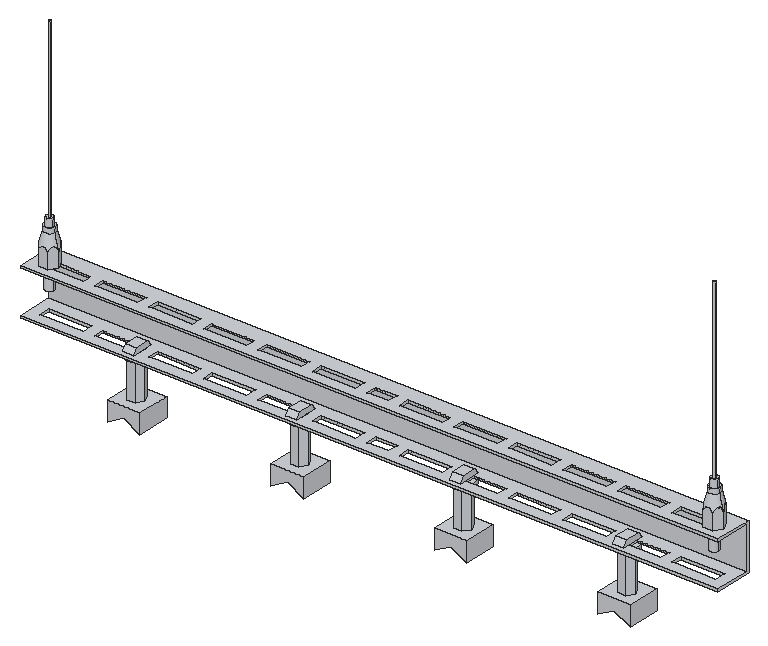
Revit family "Gripple Brackets with Suspensions and Pipe Clamps - Assembly", category Specialty Equipment, Revit 2017
Family settings
  Round Connector Dimension = Use Diameter
  Part Type = Normal
  Work Plane-Based = Yes
  Always vertical = Yes
  Cut with Voids When Loaded = Yes
  Shared = Yes
  Room Calculation Point = No
Parameters (values of type "GUB640")
  Suspensions Required Y/N [instance] = yes
  Suspension End Fixing [instance] = ""
  Schedule Level [instance] = ""
  Schedule Discipline [instance] = ""
  Schedule Area [instance] = ""
  R/H TZ Dist. [instance] = 15 mm
  Pipe Clamp End Datum [instance] = 20 mm
  Pipe Clamp Centres [instance] = 150 mm
  Number of Gripple Pipe Clamps [instance] = 4
  L/H TZ Dist. [instance] = 15 mm
  Go to URL [instance] = "http://www.gripple.co.uk/gb/en/p8/a6/pipe-bracket--quick-twist-system"
  ED [instance] = if(not([Centre Datum (Or End Datum)]), Pipe Clamp End Datum, (Length / 2) - (Number of Gripple Pipe Clamps / 2 - 0.5) * Pipe Clamp Centres)  # 95 mm
  Clamp Single Vis [instance] = Number of Gripple Pipe Clamps = 1  # no
  Clamp Array Vis [instance] = Number of Gripple Pipe Clamps > 1  # yes
  Centre Datum (Or End Datum) [instance] = yes
  Bracket Distance From Soffit [instance] = 200 mm
  Length = 640 mm
  URL = "http://www.gripple.co.uk/gb/en/p8/a6/pipe-bracket--quick-twist-system"
  Model = "GUB640"
  Manufacturer = "Gripple Ltd"
  Default Elevation = 0 mm
  Bracket Length = Gripple Brackets : PB640
  Assembly Code = "GUB640"
  Array Clamps [instance] = if(Number of Gripple Pipe Clamps < 2, 2, Number of Gripple Pipe Clamps)  # 4
  -L = -Length / 2  # -320 mm
  +L = Length / 2  # 320 mm
Types (11, lengths in mm): name | Pipe Clamp End Datum | Number of Gripple Pipe Clamps | ED | Bracket Distance From Soffit | Length | Model | Bracket Length | Assembly Code | Array Clamps | -L | +L
  GUB640 | 20 | 4 | 95 | 200 | 640 | "GUB640" | Gripple Brackets : PB640 | "GUB640" | 4 | -320 | 320
  GUB240 | 0 | 2 | 45 | 250 | 240 | "GUB240" | Gripple Brackets : PB240 | "GUB240" | 2 | -120 | 120
  GUB840 | 0 | 2 | 345 | 200 | 840 | "GUB840" | Gripple Brackets : PB840 | "GUB840" | 2 | -420 | 420
  GUB340 | 0 | 2 | 95 | 250 | 340 | "GUB340" | Gripple Brackets : PB340 | "GUB340" | 2 | -170 | 170
  GUB1240 | 0 | 2 | 545 | 200 | 1240 | "GUB1240" | Gripple Brackets : PB1240 | "GUB1240" | 2 | -620 | 620
  GUB1140 | 0 | 2 | 495 | 200 | 1140 | "GUB1140" | Gripple Brackets : PB1140 | "GUB1140" | 2 | -570 | 570
  GUB1040 | 0 | 2 | 445 | 200 | 1040 | "GUB1040" | Gripple Brackets : PB1040 | "GUB1040" | 2 | -520 | 520
  GUB940 | 0 | 2 | 395 | 200 | 940 | "GUB940" | Gripple Brackets : PB940 | "GUB940" | 2 | -470 | 470
  GUB740 | 0 | 2 | 295 | 200 | 740 | "GUB740" | Gripple Brackets : PB740 | "GUB740" | 2 | -370 | 370
  GUB540 | 0 | 2 | 195 | 250 | 540 | "GUB540" | Gripple Brackets : PB540 | "GUB540" | 2 | -270 | 270
  GUB440 | 0 | 2 | 145 | 250 | 440 | "GUB440" | Gripple Brackets : PB440 | "GUB440" | 2 | -220 | 220
Reference planes
  plane 1 "Center (Front/Back)": y = 0
  plane 2: z = 0
  plane 3 "Center (Left/Right)": x = 0
  plane 4 "Bracket Top": z = -200
  plane 5: x = 320
  plane 6: x = -320
  plane 7: x = 305
  plane 8: x = -305
  plane 9: x = 305
  plane 10 "Bracket Bottom": z = -243
  plane 11 "Bracket Middle": z = -221.5
Lines and regions (mm)
  model lines, detail levels coarse
    curve 1: line (-320, 0, -221.5) -> (320, 0, -221.5)
  model lines, visible <- "Suspensions Required Y/N"
    curve 2: line (-305, 0, 0) -> (-305, 0, -221.5)
    curve 3: line (305, 0, 0) -> (305, 0, -221.5)
Dimensions and locks
  equal spacing: plane 5, plane 3 "Center (Left/Right)", plane 6
  "Length": plane 5 to plane 6
  locked: plane 5 to plane 7 at 15
  plane 3 "Center (Left/Right)" to plane 7 = 305 mm
  "Bracket Distance From Soffit": plane 4 "Bracket Top" to plane 2
  "L/H TZ Dist.": plane 8 to plane 6
  "R/H TZ Dist.": plane 5 to plane 9
  plane 4 "Bracket Top" to plane 10 "Bracket Bottom" = 43 mm
  equal spacing: plane 4 "Bracket Top", plane 11 "Bracket Middle", plane 10 "Bracket Bottom"
  "ED": plane 5 to nested 4
  equal spacing: group 4, group 3, group 2, group 1  (x2)
  equal spacing: group 1, group 2, group 3, group 4
  "Pipe Clamp Centres": nested 4 to nested 6
  "ED": plane 5 to nested 5
  aligned and locked: level to plane 2
  aligned and locked: plane 5 to curve 1
  aligned and locked: plane 6 to curve 1
  aligned and locked: level to curve 2
  aligned and locked: level to curve 3
  aligned and locked: curve 1 to curve 3
  aligned and locked: curve 2 to plane 8
  aligned and locked: curve 3 to plane 9
  aligned and locked: plane 1 "Center (Front/Back)" to nested 1
  aligned and locked: nested 1 to plane 8
  aligned and locked: nested 2 to plane 9
  aligned and locked: plane 1 "Center (Front/Back)" to nested 2
  aligned and locked: plane 1 "Center (Front/Back)" to nested 3
  aligned and locked: plane 3 "Center (Left/Right)" to nested 3
  aligned and locked: plane 10 "Bracket Bottom" to nested 4
  aligned and locked: plane 10 "Bracket Bottom" to nested 6
Automatic sketch dimensions
  curve 1 to plane 4 "Bracket Top" = 21.5 mm
Nested families
  nested 1: "Gripple Trapeze Plus Kit" at (-305, 0, -200), Bracket Distance From Soffit <- "Bracket Distance From Soffit", visible <- "Suspensions Required Y/N", Schedule Area <- "Schedule Area", Schedule Discipline <- "Schedule Discipline", Schedule Level <- "Schedule Level", Suspension End Fixing <- "Suspension End Fixing", type "MTZ2"
    with total length 259 mm, Suspension End Fixing "", Schedule Level "", Schedule Discipline "", Schedule Area "", Gripple Kit Length (m) 1 mm, Go To URL "http://www.gripple.co.uk/gb/en/p20/a6/trapeze-plus", Bracket Distance From Soffit 200 mm
  nested 2: "Gripple Trapeze Plus Kit" at (305, 0, -200), Bracket Distance From Soffit <- "Bracket Distance From Soffit", visible <- "Suspensions Required Y/N", Schedule Area <- "Schedule Area", Schedule Discipline <- "Schedule Discipline", Schedule Level <- "Schedule Level", Suspension End Fixing <- "Suspension End Fixing", type "MTZ2"
    with total length 259 mm, Suspension End Fixing "", Schedule Level "", Schedule Discipline "", Schedule Area "", Gripple Kit Length (m) 1 mm, Go To URL "http://www.gripple.co.uk/gb/en/p20/a6/trapeze-plus", Bracket Distance From Soffit 200 mm
  nested 3: "Gripple Brackets" at (0, 0, -200), type <- "Bracket Length", Schedule Area <- "Schedule Area", Schedule Discipline <- "Schedule Discipline", Schedule Level <- "Schedule Level", type "PB640"
    with Schedule Level "", Schedule Discipline "", Schedule Area "", Go to URL "http://www.gripple.co.uk/gb/en/p8/a6/pipe-bracket--quick-twist-system"
  nested 4: "Gripple Twist Clamp" at (225, 0, -243), visible <- "Clamp Array Vis", type "QT-T"
    with Go To URL "http://www.gripple.co.uk/images/Markets/Building%20Services/Products/Pipe%20Solutions/Pipe%20Bracket%20%26%20Twist%20Clamp%20System/Downloads/BUS-PI-MEP-ENG-TWIST%20CLAMP.pdf"
  nested 5: "Gripple Twist Clamp" at (225, 0, -243), visible <- "Clamp Single Vis", type "QT-T"
    with Go To URL "http://www.gripple.co.uk/images/Markets/Building%20Services/Products/Pipe%20Solutions/Pipe%20Bracket%20%26%20Twist%20Clamp%20System/Downloads/BUS-PI-MEP-ENG-TWIST%20CLAMP.pdf"
  nested 6: "Gripple Twist Clamp" at (75, 0, -243), visible <- "Clamp Array Vis", type "QT-T"
    with Go To URL "http://www.gripple.co.uk/images/Markets/Building%20Services/Products/Pipe%20Solutions/Pipe%20Bracket%20%26%20Twist%20Clamp%20System/Downloads/BUS-PI-MEP-ENG-TWIST%20CLAMP.pdf"
  nested 7: "Gripple Twist Clamp" at (-75, 0, -243), visible <- "Clamp Array Vis", type "QT-T"
    with Go To URL "http://www.gripple.co.uk/images/Markets/Building%20Services/Products/Pipe%20Solutions/Pipe%20Bracket%20%26%20Twist%20Clamp%20System/Downloads/BUS-PI-MEP-ENG-TWIST%20CLAMP.pdf"
  nested 8: "Gripple Twist Clamp" at (-225, 0, -243), visible <- "Clamp Array Vis", type "QT-T"
    with Go To URL "http://www.gripple.co.uk/images/Markets/Building%20Services/Products/Pipe%20Solutions/Pipe%20Bracket%20%26%20Twist%20Clamp%20System/Downloads/BUS-PI-MEP-ENG-TWIST%20CLAMP.pdf"
Definition of nested family "Gripple Trapeze Plus Kit"
  Parameters (values of type "MTZ2")
    WD/2 = WD / 2  # 1 mm
    WD = 2 mm
    total length [instance] = UL + Bracket Distance From Soffit  # 159 mm
    UL = 59 mm
    TTD = 6.5 mm
    Suspension End Fixing [instance] = ""
    Schedule Level [instance] = ""
    Schedule Discipline [instance] = ""
    Schedule Area [instance] = ""
    MTL = 20 mm
    MTD = 8 mm
    KNW = 4 mm
    KND = 10 mm
    Hanger SWL (kg) = "45kg"
    HH = 14 mm
    BNT = UL - MTL  # 39 mm
    BH = 28 mm
    Gripple Kit Length (m) [instance] = roundup((Bracket Distance From Soffit + (50 mm / 1)) / 1000 mm / 1) * 1 mm  # 1 mm
    Go To URL [instance] = "http://www.gripple.co.uk/gb/en/p20/a6/trapeze-plus"
    Bracket Distance From Soffit [instance] = 100 mm
    URL = "http://www.gripple.co.uk/gb/en/p20/a6/trapeze-plus"
    Model = "Trapeze Plus No2"
    Manufacturer = "Gripple Ltd"  # constant formula
    Default Elevation = 0 mm
    Assembly Code = "MTZ2"
    AF = 15 mm
    AC = ((2 / 3) * (sqrt(3)) * AF)  # 17.321 mm
  Types (3, lengths in mm): name | WD/2 | WD | total length | UL | TTD | MTD | KND | Hanger SWL (kg) | HH | BNT | BH | Model | Assembly Code | AF | AC
    MTZ3 | 1.5 | 3 | 163 | 63 | 7.5 | 10 | 10 | "90kg" | 15 | 43 | 34 | "Trapeze Plus No3" | "MTZ3" | 17 | 19.63
    MTZ2 | 1 | 2 | 159 | 59 | 6.5 | 8 | 10 | "45kg" | 14 | 39 | 28 | "Trapeze Plus No2" | "MTZ2" | 15 | 17.321
    MTZ4 | 2.4 | 4.8 | 173.5 | 73.5 | 9.5 | 10 | 14 | "225kg" | 18 | 53.5 | 38 | "Trapeze Plus No4" | "MTZ4" | 22 | 25.403
  Reference planes
    plane 1 "Center (Front/Back)": y = 0
    plane 2: z = 0
    plane 3 "Center (Left/Right)": x = 0
    plane 4: x = -4
    plane 5: x = 4
    plane 6 "bottom": z = -20
    plane 7: y = 7.5
    plane 8: y = -7.5
    plane 9 "top of hex": z = 14
    plane 10: z = 28
    plane 11: z = 32
    plane 12: z = 39
    plane 13: x = -5
    plane 14: x = 5
    plane 15: x = -3.25
    plane 16: x = 3.25
    plane 17: x = -8.66
    plane 18: x = 8.66
    plane 19 "Wire Top": z = 100
  Forms (mm)
    Extrusion 1, solid, detail levels medium+fine
      sketch origin (0, 0, -20) x (-1, 0, 0) y (0, -1, 0)
        loop
          line (4.33, -7.5) -> (8.66, 0) -> (4.33, 7.5) -> (-4.33, 7.5) -> (-8.66, 0) -> (-4.33, -7.5) -> (4.33, -7.5)
      from 0 to 59 <- "UL"
    Revolve 2, void, detail levels medium+fine
      sketch origin (0, 0, 0) x (1, 0, 0) y (0, 0, 1)
        loop
          line (-8.66, 14) -> (-5, 28) -> (-5, 32) -> (-3.25, 32) -> (-3.25, 39) -> (-8.66, 39) -> (-8.66, 14)
        axis (0, 39) -> (0, 14)
      angle from 0 to 360
    Revolve 3, void, detail levels medium+fine
      sketch origin (0, 0, 0) x (1, 0, 0) y (0, 0, 1)
        loop
          line (-8.66, 0) -> (-8.66, -20) -> (-4, -20) -> (-4, 0) -> (-8.66, 0)
        axis (0, -20) -> (0, 0)
      angle from 0 to 360
    Revolve 4, solid, detail levels fine
      sketch origin (0, 0, 0) x (1, 0, 0) y (0, 0, 1)
        loop
          line (0, 39) -> (0, 100) -> (-1, 100) -> (-1, 39) -> (0, 39)
        axis (0, 39) -> (0, 100)
      angle from 0 to 360
  Cuts and joins
    Revolve 2, Revolve 3 cuts Extrusion 1
  Lines and regions (mm)
    model lines
      curve 1: line (0, 0, 100) -> (0, 0, -20)
  Dimensions and locks
    equal spacing: plane 4, plane 3 "Center (Left/Right)", plane 5
    "MTD": plane 4 to plane 5
    "MTL": level to plane 6 "bottom"
    equal spacing: plane 7, plane 1 "Center (Front/Back)", plane 8
    "AF": plane 7 to plane 8
    "HH": plane 9 "top of hex" to level
    "BH": plane 10 to level
    "KNW": plane 11 to plane 10
    equal spacing: plane 14, plane 3 "Center (Left/Right)", plane 13
    equal spacing: plane 16, plane 3 "Center (Left/Right)", plane 15
    "TTD": plane 16 to plane 15
    equal spacing: plane 18, plane 3 "Center (Left/Right)", plane 17
    "AC": plane 18 to plane 17
    "UL": plane 12 to plane 6 "bottom"
    "AF": Extrusion 1 sketch curve to Extrusion 1 sketch curve  (x2)
    equal spacing: Extrusion 1 sketch curve, plane 3 "Center (Left/Right)", Extrusion 1 sketch curve
    "Bracket Distance From Soffit": plane 19 "Wire Top" to level
    "WD/2": Revolve 4 sketch curve to Revolve 4 sketch curve
    "KND": plane 14 to plane 13
    aligned and locked: level to plane 2
    aligned and locked: plane 7 to Extrusion 1 sketch curve
    aligned and locked: Extrusion 1 sketch curve to plane 8
    aligned and locked: Revolve 2 sketch curve to plane 12
    aligned and locked: Revolve 2 sketch curve to plane 13
    aligned and locked: plane 11 to Revolve 2 sketch curve
    aligned and locked: Revolve 2 sketch curve to plane 15
    aligned and locked: plane 3 "Center (Left/Right)" to Revolve 4 sketch curve  (x2)
    aligned and locked: plane 19 "Wire Top" to Revolve 4 sketch curve
    aligned and locked: Revolve 4 sketch curve to plane 12
    aligned and locked: level to Revolve 3 sketch curve
    aligned and locked: Revolve 3 sketch curve to plane 4
    aligned and locked: Revolve 3 sketch curve to plane 6 "bottom"
    aligned and locked: Revolve 3 sketch curve to plane 17
    aligned and locked: Revolve 2 sketch curve to Revolve 2 sketch curve
    aligned and locked: plane 17 to Revolve 2 sketch curve
    aligned and locked: plane 19 "Wire Top" to curve 1
    aligned and locked: curve 1 to plane 3 "Center (Left/Right)"
    aligned and locked: plane 6 "bottom" to curve 1
  Automatic sketch dimensions
    plane 1 "Center (Front/Back)" to Extrusion 1 sketch curve = 0 mm  (x2)
    Extrusion 1 sketch curve to plane 18 = 0 mm
    Revolve 3 sketch curve to plane 3 "Center (Left/Right)" = 0 mm
    Revolve 3 sketch curve to plane 6 "bottom" = 0 mm
    Revolve 3 sketch curve to plane 12 = 0 mm
    Revolve 2 sketch curve to plane 3 "Center (Left/Right)" = 0 mm
    Revolve 2 sketch curve to plane 6 "bottom" = 0 mm
    Revolve 2 sketch curve to plane 9 "top of hex" = 0 mm
    Revolve 2 sketch curve to plane 10 = 0 mm
    Revolve 4 sketch curve to plane 9 "top of hex" = 1.372 mm
    Revolve 4 sketch curve to Revolve 4 sketch curve = 10.737 mm
Definition of nested family "Gripple Brackets"
  Parameters (values of type "PB640")
    Schedule Level [instance] = ""
    Schedule Discipline [instance] = ""
    Schedule Area [instance] = ""
    Go to URL [instance] = "http://www.gripple.co.uk/gb/en/p8/a6/pipe-bracket--quick-twist-system"
    Length = 640 mm
    URL = "http://www.gripple.co.uk/gb/en/p8/a6/pipe-bracket--quick-twist-system"
    Model = "PB640"
    Manufacturer = "Gripple Ltd"
    Default Elevation = 1219.2 mm
    Assembly Code = "PB640"
    -L = -Length / 2  # -320 mm
    +L = Length / 2  # 320 mm
    #slots = 6
  Types (11, lengths in mm): name | Length | Model | Assembly Code | -L | +L | #slots
    PB240 | 240 | "PB240" | "PB240" | -120 | 120 | 2
    PB340 | 340 | "PB340" | "PB340" | -170 | 170 | 3
    PB440 | 440 | "PB440" | "PB440" | -220 | 220 | 4
    PB540 | 540 | "PB540" | "PB540" | -270 | 270 | 5
    PB640 | 640 | "PB640" | "PB640" | -320 | 320 | 6
    PB740 | 740 | "PB740" | "PB740" | -370 | 370 | 7
    PB840 | 840 | "PB840" | "PB840" | -420 | 420 | 8
    PB940 | 940 | "PB940" | "PB940" | -470 | 470 | 9
    PB1040 | 1040 | "PB1040" | "PB1040" | -520 | 520 | 10
    PB1140 | 1140 | "PB1140" | "PB1140" | -570 | 570 | 11
    PB1240 | 1240 | "PB1240" | "PB1240" | -620 | 620 | 12
  Reference planes
    plane 1 "Center (Front/Back)": y = 0
    plane 2: z = 0
    plane 3 "Center (Left/Right)": x = 0
    plane 4: z = 0
    plane 5: z = -43
    plane 6: x = 320
    plane 7: x = -320
    plane 8: z = -2
    plane 9: z = -41
    plane 10: y = 20
    plane 11: y = -15
    plane 12: y = 18
    plane 13: x = 60
    plane 14: x = 20
    plane 15: x = -20
    plane 16: x = -60
    plane 17: y = 5
    plane 18: y = -5
    plane 19: x = -20
    plane 20: x = -10
    plane 21: x = 10
    plane 22: x = -10
    plane 23: x = 10
    plane 24: z = -21.5
  Forms (mm)
    Extrusion 1, solid, detail levels medium+fine
      sketch origin (0, 0, 0) x (0, 1, 0) y (0, 0, 1)
        loop
          line (20, 0) -> (-15, 0) -> (-15, -2) -> (18, -2) -> (18, -41) -> (-15, -41) -> (-15, -43) -> (20, -43) -> (20, 0)
      from 320 <- "+L" to -320 <- "-L"
    Extrusion 2, void
      sketch origin (0, 0, 0) x (1, 0, 0) y (0, 1, 0)
        loop
          line (-60, 5) -> (-60, -5) -> (-20, -5) -> (-20, 5) -> (-60, 5)
      from 0 to -43
    Extrusion 3, void
      sketch origin (30, 0, 0) x (1, 0, 0) y (0, 1, 0)
        loop
          line (-40, 5) -> (-40, -5) -> (-20, -5) -> (-20, 5) -> (-40, 5)
      from 0 to -43
    Extrusion 4, void
      sketch origin (60, 0, 0) x (1, 0, 0) y (0, 1, 0)
        loop
          line (-40, 5) -> (-40, -5) -> (0, -5) -> (0, 5) -> (-40, 5)
      from 0 to -43
    Extrusion 5, void
      sketch origin (-50, 0, 0) x (1, 0, 0) y (0, 1, 0)
        loop
          line (-60, 5) -> (-60, -5) -> (-20, -5) -> (-20, 5) -> (-60, 5)
      from 0 to -43
    Extrusion 6, void
      sketch origin (110, 0, 0) x (1, 0, 0) y (0, 1, 0)
        loop
          line (-40, 5) -> (-40, -5) -> (0, -5) -> (0, 5) -> (-40, 5)
      from 0 to -43
    Extrusion 7, void
      sketch origin (-100, 0, 0) x (1, 0, 0) y (0, 1, 0)
        loop
          line (-60, 5) -> (-60, -5) -> (-20, -5) -> (-20, 5) -> (-60, 5)
      from 0 to -43
    Extrusion 8, void
      sketch origin (-150, 0, 0) x (1, 0, 0) y (0, 1, 0)
        loop
          line (-60, 5) -> (-60, -5) -> (-20, -5) -> (-20, 5) -> (-60, 5)
      from 0 to -43
    Extrusion 9, void
      sketch origin (160, 0, 0) x (1, 0, 0) y (0, 1, 0)
        loop
          line (-40, 5) -> (-40, -5) -> (0, -5) -> (0, 5) -> (-40, 5)
      from 0 to -43
    Extrusion 10, void
      sketch origin (210, 0, 0) x (1, 0, 0) y (0, 1, 0)
        loop
          line (-40, 5) -> (-40, -5) -> (0, -5) -> (0, 5) -> (-40, 5)
      from 0 to -43
    Extrusion 11, void
      sketch origin (-200, 0, 0) x (1, 0, 0) y (0, 1, 0)
        loop
          line (-60, 5) -> (-60, -5) -> (-20, -5) -> (-20, 5) -> (-60, 5)
      from 0 to -43
    Extrusion 12, void
      sketch origin (-250, 0, 0) x (1, 0, 0) y (0, 1, 0)
        loop
          line (-60, 5) -> (-60, -5) -> (-20, -5) -> (-20, 5) -> (-60, 5)
      from 0 to -43
    Extrusion 13, void
      sketch origin (260, 0, 0) x (1, 0, 0) y (0, 1, 0)
        loop
          line (-40, 5) -> (-40, -5) -> (0, -5) -> (0, 5) -> (-40, 5)
      from 0 to -43
    Extrusion 14, void
      sketch origin (310, 0, 0) x (1, 0, 0) y (0, 1, 0)
        loop
          line (-40, 5) -> (-40, -5) -> (0, -5) -> (0, 5) -> (-40, 5)
      from 0 to -43
  Cuts and joins
    Extrusion 2, Extrusion 3, Extrusion 4, Extrusion 5, Extrusion 6, Extrusion 7, Extrusion 8, Extrusion 9, Extrusion 10, Extrusion 11, Extrusion 12, Extrusion 13, Extrusion 14 cuts Extrusion 1
  Lines and regions (mm)
    model lines, detail levels coarse
      curve 1: line (-320, 0, -21.5) -> (320, 0, -21.5)
  Dimensions and locks
    equal spacing: plane 6, plane 3 "Center (Left/Right)", plane 7
    locked: plane 4 to plane 5 at 43
    "Length": plane 6 to plane 7
    locked: plane 9 to plane 5 at 2
    locked: plane 4 to plane 8 at 2
    locked: plane 10 to plane 1 "Center (Front/Back)" at 20
    locked: plane 10 to plane 11 at 35
    locked: plane 10 to plane 12 at 2
    equal spacing: plane 16, plane 3 "Center (Left/Right)", plane 13
    equal spacing: plane 15, plane 3 "Center (Left/Right)", plane 14
    locked: plane 3 "Center (Left/Right)" to plane 14 at 20
    equal spacing: plane 18, plane 1 "Center (Front/Back)", plane 17
    locked: plane 1 "Center (Front/Back)" to plane 17 at 5
    equal spacing: plane 21, plane 3 "Center (Left/Right)", plane 20
    locked: plane 21 to plane 20 at 20
    equal spacing: plane 23, plane 3 "Center (Left/Right)", plane 22
    locked: plane 23 to plane 22 at 20
    plane 1 "Center (Front/Back)" to Extrusion 1 = 15 mm
    equal spacing: plane 4, plane 24, plane 5
    locked: plane 14 to plane 13 at 40
    equal spacing: group 10, group 9, group 6, group 5, group 2, group 1
    equal spacing: group 1, group 2, group 5, group 6, group 9, group 10  (x2)
    equal spacing: group 3, group 4, group 7, group 8, group 11, group 12  (x3)
    locked: plane 16 to plane 19 at 40
    aligned and locked: level to plane 2
    aligned and locked: Extrusion 1 sketch curve to plane 10
    aligned and locked: Extrusion 1 sketch curve to plane 4
    aligned and locked: plane 11 to Extrusion 1 sketch curve  (x2)
    aligned and locked: Extrusion 1 sketch curve to plane 9
    aligned and locked: Extrusion 1 sketch curve to plane 5
    aligned and locked: plane 12 to Extrusion 1 sketch curve
    aligned and locked: Extrusion 1 sketch curve to plane 8
    aligned and locked: plane 6 to curve 1
    aligned and locked: plane 7 to curve 1
    aligned and locked: plane 24 to curve 1
    aligned and locked: level to plane 4
    aligned and locked: level to Extrusion 2
    aligned and locked: plane 5 to Extrusion 2
    aligned and locked: Extrusion 3 to plane 20
    aligned and locked: Extrusion 3 to plane 21
    aligned and locked: plane 14 to Extrusion 4
    aligned and locked: Extrusion 4 to plane 13
    aligned and locked: level to Extrusion 4
    aligned and locked: plane 5 to Extrusion 4
    aligned and locked: level to Extrusion 3
    aligned and locked: plane 5 to Extrusion 3
    aligned and locked: Extrusion 1 to Extrusion 2
    aligned and locked: plane 16 to Extrusion 2
    aligned and locked: Extrusion 2 to plane 15
  Automatic sketch dimensions
    Extrusion 2 sketch curve to Extrusion 2 sketch curve = 40 mm
    Extrusion 2 sketch curve to Extrusion 2 sketch curve = 10 mm
    Extrusion 3 sketch curve to plane 18 = 0 mm
    Extrusion 3 sketch curve to plane 20 = 0 mm
    Extrusion 3 sketch curve to plane 21 = 0 mm
    plane 17 to Extrusion 3 sketch curve = 0 mm
    Extrusion 4 sketch curve to Extrusion 4 sketch curve = 40 mm
    Extrusion 5 sketch curve to Extrusion 5 sketch curve = 40 mm
    Extrusion 5 sketch curve to Extrusion 5 sketch curve = 10 mm
    Extrusion 4 sketch curve to Extrusion 4 sketch curve = 10 mm
    Extrusion 6 sketch curve to Extrusion 6 sketch curve = 40 mm
    Extrusion 6 sketch curve to Extrusion 6 sketch curve = 10 mm
    Extrusion 7 sketch curve to Extrusion 7 sketch curve = 40 mm
    Extrusion 7 sketch curve to Extrusion 7 sketch curve = 10 mm
    Extrusion 8 sketch curve to Extrusion 8 sketch curve = 40 mm
    Extrusion 8 sketch curve to Extrusion 8 sketch curve = 10 mm
    Extrusion 9 sketch curve to Extrusion 9 sketch curve = 40 mm
    Extrusion 9 sketch curve to Extrusion 9 sketch curve = 10 mm
    Extrusion 10 sketch curve to Extrusion 10 sketch curve = 40 mm
    Extrusion 10 sketch curve to Extrusion 10 sketch curve = 10 mm
    Extrusion 11 sketch curve to Extrusion 11 sketch curve = 40 mm
    Extrusion 11 sketch curve to Extrusion 11 sketch curve = 10 mm
    Extrusion 12 sketch curve to Extrusion 12 sketch curve = 40 mm
    Extrusion 12 sketch curve to Extrusion 12 sketch curve = 10 mm
    Extrusion 13 sketch curve to Extrusion 13 sketch curve = 40 mm
    Extrusion 13 sketch curve to Extrusion 13 sketch curve = 10 mm
    Extrusion 14 sketch curve to Extrusion 14 sketch curve = 40 mm
    Extrusion 14 sketch curve to Extrusion 14 sketch curve = 10 mm
Definition of nested family "Gripple Twist Clamp"
  Parameters (values of type "QT-T")
    WD = 2 mm  # constant formula
    W/2 = W / 2  # 15 mm
    W = 30 mm  # constant formula
    HW = 10 mm  # constant formula
    HL = 20 mm  # constant formula
    CAF = 13 mm  # constant formula
    CD = 20 mm  # constant formula
    URL = "http://www.gripple.co.uk/images/Markets/Building%20Services/Products/Pipe%20Solutions/Pipe%20Bracket%20%26%20Twist%20Clamp%20System/Downloads/BUS-PI-MEP-ENG-TWIST%20CLAMP.pdf"
    T = 2 mm  # constant formula
    Model = "Quarter Turn Clamp - Standard"
    Manufacturer = "Gripple Ltd"
    Keynote = ""
    H = 35 mm
    Go To URL [instance] = "http://www.gripple.co.uk/images/Markets/Building%20Services/Products/Pipe%20Solutions/Pipe%20Bracket%20%26%20Twist%20Clamp%20System/Downloads/BUS-PI-MEP-ENG-TWIST%20CLAMP.pdf"
    Default Elevation = 0 mm
    Cost = 0
    C = 4 mm  # constant formula
    B = 10 mm  # constant formula
    Assembly Code = "QT-T"
    A = 7 mm  # constant formula
    -width/2 = -W / 2  # -15 mm
  Types (2, lengths in mm): name | Model | H | Assembly Code
    QT-T | "Quarter Turn Clamp - Standard" | 35 | "QT-T"
    QT-C | "Quarter Turn Clamp - Compact" | 1 | "QT-C"
  Reference planes
    plane 1 "Center (Front/Back)": y = 0
    plane 2: z = 0
    plane 3 "Center (Left/Right)": x = 0
    plane 4: y = 15
    plane 5: y = -15
    plane 6: x = -15
    plane 7: x = 15
    plane 8: z = 2
    plane 9: z = 7
    plane 10: z = -4
    plane 11 "b1": z = -39
    plane 12: z = -49
    plane 13: z = -57.022
    plane 14 "hw1": x = -5
    plane 15 "hw2": x = 5
    plane 16 "c1": y = 6.5
    plane 17 "c2": y = -6.5
    plane 18: y = 10
    plane 19: y = -10
    plane 20 "hl2": y = -10
    plane 21 "hl1": y = 10
  Forms (mm)
    Extrusion 1, solid
      sketch origin (0, 0, 0) x (1, 0, 0) y (0, 0, 1)
        loop
          line (-15, -39) -> (-15, -57.022) -> (0, -49) -> (15, -57.022) -> (15, -39) -> (-15, -39)
      from -15 <- "-width/2" to 15 <- "W/2"
    Revolve 2, solid
      sketch origin (0, 0, 0) x (0, 1, 0) y (0, 0, 1)
        loop
          line (0, 0) -> (0, -4) -> (10, -4) -> (10, 0) -> (0, 0)
        axis (0, 0) -> (0, -4)
      angle from 0 to 360
    Extrusion 3, solid
      sketch origin (0, 0, 0) x (1, 0, 0) y (0, 1, 0)
        loop
          line (-5, 5) -> (-5, -5) -> (5, -5) -> (5, 5) -> (-5, 5)
      from 0 to 2 <- "T"
    Extrusion 4, solid
      sketch origin (0, 0, 0) x (0, 1, 0) y (0, 0, 1)
        loop
          line (10, 2) -> (6.5, 7) -> (-6.5, 7) -> (-10, 2) -> (10, 2)
      from -5 to 5
    Extrusion 5, solid
      sketch origin (0, 0, -39) x (0, -1, 0) y (1, 0, 0)
        loop
          line (-6.5, 3.753) -> (-6.5, -3.753) -> (0, -7.506) -> (6.5, -3.753) -> (6.5, 3.753) -> (0, 7.506) -> (-6.5, 3.753)
      from 0 to 35 <- "H"
  Dimensions and locks
    equal spacing: plane 7, plane 3 "Center (Left/Right)", plane 6
    "A": plane 9 to level
    "T": plane 8 to level
    "C": level to plane 10
    "H": plane 10 to plane 11 "b1"
    "B": plane 11 "b1" to plane 12
    equal spacing: plane 15 "hw2", plane 3 "Center (Left/Right)", plane 14 "hw1"
    "HW": plane 15 "hw2" to plane 14 "hw1"
    "W": plane 7 to plane 6
    equal spacing: plane 4, plane 1 "Center (Front/Back)", plane 5
    "W": plane 4 to plane 5
    equal spacing: plane 16 "c1", plane 1 "Center (Front/Back)", plane 17 "c2"
    "CAF": plane 16 "c1" to plane 17 "c2"
    equal spacing: plane 18, plane 1 "Center (Front/Back)", plane 19
    "CD": plane 18 to plane 19
    "HL": plane 21 "hl1" to plane 20 "hl2"
    equal spacing: plane 21 "hl1", plane 1 "Center (Front/Back)", plane 20 "hl2"
    equal spacing: Extrusion 3 sketch curve, plane 1 "Center (Front/Back)", Extrusion 3 sketch curve
    "HW": Extrusion 3 sketch curve to Extrusion 3 sketch curve
    "CAF": Extrusion 5 sketch curve to Extrusion 5 sketch curve  (x2)
    locked: plane 11 "b1" to plane 13 at 18.022
    aligned and locked: level to plane 2
    aligned and locked: plane 11 "b1" to Extrusion 1 sketch curve
    aligned and locked: plane 7 to Extrusion 1 sketch curve
    aligned and locked: plane 6 to Extrusion 1 sketch curve
    aligned and locked: plane 1 "Center (Front/Back)" to Revolve 2 sketch curve  (x2)
    aligned and locked: Revolve 2 sketch curve to plane 10
    aligned and locked: Revolve 2 sketch curve to plane 18
    aligned and locked: level to Revolve 2 sketch curve
    aligned and locked: plane 9 to Revolve 2 sketch curve
    aligned and locked: plane 14 "hw1" to Extrusion 3 sketch curve
    aligned and locked: plane 15 "hw2" to Extrusion 3 sketch curve
    aligned and locked: plane 8 to Extrusion 4 sketch curve
    aligned and locked: plane 9 to Extrusion 4 sketch curve
    aligned and locked: plane 16 "c1" to Extrusion 5 sketch curve
    aligned and locked: plane 17 "c2" to Extrusion 5 sketch curve
  Automatic sketch dimensions
    Extrusion 1 sketch curve to plane 3 "Center (Left/Right)" = 0 mm
    Extrusion 1 sketch curve to plane 13 = 0 mm  (x2)
    Extrusion 1 sketch curve to plane 12 = 0 mm
    plane 13 to Revolve 2 sketch curve = 0 mm
    Extrusion 4 sketch curve to plane 19 = 0 mm
    Extrusion 4 sketch curve to plane 17 "c2" = 0 mm
    Extrusion 4 sketch curve to plane 16 "c1" = 0 mm
    Extrusion 4 sketch curve to plane 18 = 0 mm
    plane 1 "Center (Front/Back)" to Extrusion 5 sketch curve = 0 mm  (x2)
    Extrusion 5 sketch curve to plane 14 "hw1" = 2.506 mm
    plane 14 "hw1" to Extrusion 5 sketch curve = 1.247 mm
